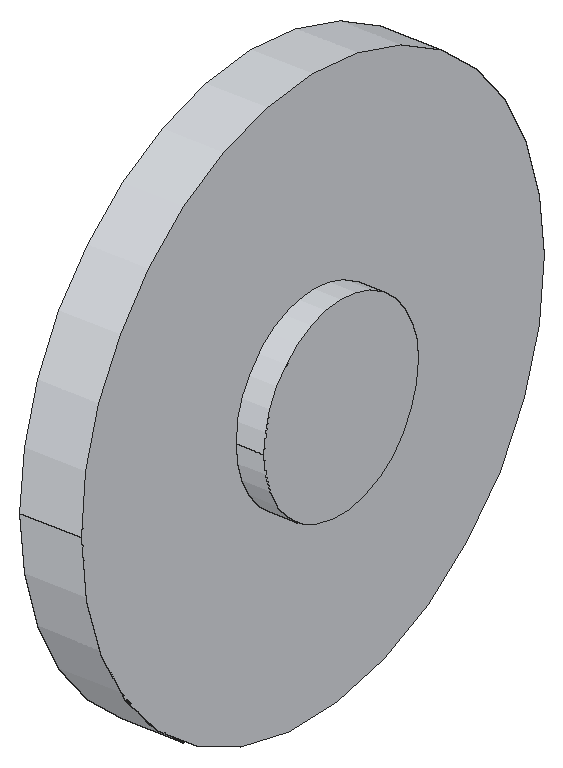
Revit family "M_Flange - Slip-on - Steel - Class 150", category Pipe Fittings, Revit 2019
Family settings
  Round Connector Dimension = Use Radius
  Part Type = Flange
  OmniClass Number = 23.60.30.11.14
  OmniClass Title = Pipework Fittings
  Work Plane-Based = No
  Always vertical = Yes
  Cut with Voids When Loaded = No
  Shared = No
Parameters (values of type "Standard")
  Tick Size [instance] = Flange Outside Diameter * 0.4  # 36 mm
  Raised Face Thickness [instance] = 1.587 mm  # constant formula
  Raised Face Radius [instance] = Raised Face Diameter / 2  # 17.45 mm
  Raised Face Diameter [instance] = size_lookup(Lookup Table Name, "RFD", 1.11 * Nominal Diameter + 34.727 mm, Nominal Diameter)  # 34.9 mm
  Nominal Radius [instance] = 7.5 mm
  Nominal Diameter [instance] = Nominal Radius * 2  # 15 mm
  Loss Method = Not Defined
  Lookup Table Name = "M_Flange - Slip-on - Steel - Class 150"
  Length Through Hub [instance] = size_lookup(Lookup Table Name, "LTH", 0.11 * Nominal Diameter + 17.76 mm, Nominal Diameter)  # 14 mm
  Hub Radius [instance] = Hub Diameter / 2  # 15 mm
  Hub Diameter [instance] = size_lookup(Lookup Table Name, "HDia", 1.08 * Nominal Diameter + 24.209 mm, Nominal Diameter)  # 30 mm
  Flange Thickness [instance] = size_lookup(Lookup Table Name, "FThk", 0.05 * Nominal Diameter + 14.188 mm, Nominal Diameter)  # 9.6 mm
  Flange Outside Radius [instance] = Flange Outside Diameter / 2  # 45 mm
  Flange Outside Diameter [instance] = size_lookup(Lookup Table Name, "FOD", 1.24 * Nominal Diameter + 89.595 mm, Nominal Diameter)  # 90 mm
Reference planes
  plane 1 "Center (Front/Back)": y = 0
  plane 2: z = 0
  plane 3 "Center (Left/Right)": x = 0
  plane 4: x = 1.588
  plane 5: x = 11.188
  plane 6: x = 15.588
  plane 7: y = 36
  plane 8: y = -36
Forms (mm)
  Sweep 1, solid, detail levels fine
    path in 3D
      loop
        line (0, 0, 0) -> (1.588, 0, 0)
    profile origin (0.794, 0, 0) x (0, 1, 0) y (0, 0, 1)
      loop
        circle (0, 0) r 17.45
  Sweep 2, solid, detail levels fine
    path in 3D
      loop
        line (1.588, 0, 0) -> (11.188, 0, 0)
    profile origin (6.388, 0, 0) x (0, 1, 0) y (0, 0, 1)
      loop
        circle (0, 0) r 45
  Sweep 3, solid, detail levels fine
    path in 3D
      loop
        line (11.188, 0, 0) -> (15.588, 0, 0)
    profile origin (13.388, 0, 0) x (0, 1, 0) y (0, 0, 1)
      loop
        circle (0, 0) r 15
Cuts and joins
  joined: Sweep 1, Sweep 2, Sweep 3
Lines and regions (mm)
  model lines, detail levels coarse+medium
    curve 1: line (0, 0, 0) -> (1.588, 0, 0)
    curve 2: line (1.588, 0, 0) -> (11.188, 0, 0)
    curve 3: line (11.188, 0, 0) -> (15.588, 0, 0)
    curve 7: line (11.188, 36, 0) -> (11.188, -36, 0)
  sketch lines
    curve 4: line (0, 0, 0) -> (1.588, 0, 0)
    curve 5: line (1.588, 0, 0) -> (11.188, 0, 0)
    curve 6: line (11.188, 0, 0) -> (15.588, 0, 0)
Dimensions and locks
  "Raised Face Thickness": plane 3 "Center (Left/Right)" to plane 4
  "Flange Thickness": plane 4 to plane 5
  "Length Through Hub": plane 4 to plane 6
  equal spacing: plane 7, plane 1 "Center (Front/Back)", plane 8
  "Tick Size": plane 7 to plane 1 "Center (Front/Back)"
  "Raised Face Radius": radius of Sweep 1 sketch curve
  "Flange Outside Radius": radius of Sweep 2 sketch curve
  "Hub Radius": radius of Sweep 3 sketch curve
  aligned and locked: plane 3 "Center (Left/Right)" to curve 1
  aligned and locked: plane 4 to curve 1
  aligned and locked: plane 1 "Center (Front/Back)" to curve 1
  aligned and locked: plane 1 "Center (Front/Back)" to curve 2
  aligned and locked: plane 5 to curve 3
  aligned and locked: plane 6 to curve 3
  aligned and locked: plane 1 "Center (Front/Back)" to curve 3
  aligned and locked: plane 7 to curve 7
  aligned and locked: plane 8 to curve 7
  aligned and locked: curve 7 to plane 5
Automatic sketch dimensions
  Sweep 1 sketch curve to profile plane = 0 mm  (x2)
  Sweep 2 sketch curve to profile plane = 0 mm  (x2)
  Sweep 3 sketch curve to profile plane = 0 mm  (x2)
Connectors
  piping at (0, 0, 0), diameter 15, driven by "Nominal Radius"
    settings: on cut or joined group of Sweep 1, Sweep 2, Sweep 3, index 1, connector inside diameter 15 mm, connector length 0 mm, flow factor 0, pipe flow 0.0 L/s, pressure drop 0.0 Pa, fitting loss kfactor 0, connector angle 0.00°, fixture units 0, engagement length 0 mm, angle of deflection 0.00°, flow configuration 0, flow direction 0, fitting loss method 0, system type 28, joint type 0, gender type 0, connector reference index 2, connector utility 0, adjustable connector no, is connector primary yes, connector description ""
  piping at (1.588, 0, 0), diameter 15, driven by "Nominal Radius"
    settings: on cut or joined group of Sweep 1, Sweep 2, Sweep 3, index 2, connector inside diameter 609.6 mm, connector length 0 mm, flow factor 0, pipe flow 0.0 L/s, pressure drop 0.0 Pa, fitting loss kfactor 0, connector angle 0.00°, fixture units 0, engagement length 0 mm, angle of deflection 0.00°, flow configuration 0, flow direction 0, fitting loss method 0, system type 28, joint type 0, gender type 0, connector reference index 1, connector utility 0, adjustable connector no, is connector primary no, connector description ""
